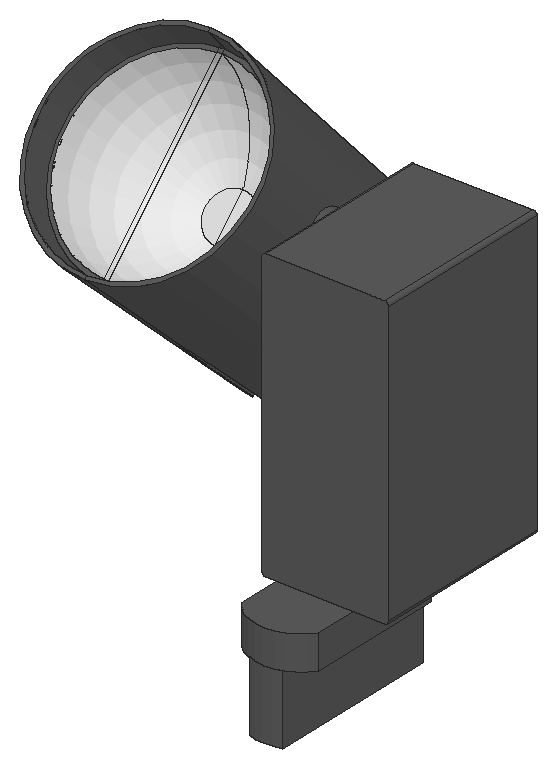
Revit family "0004836 Feilo Sylvania Lighting Fixture START TRACK SPOT S 14W 3K RA80 MB BLACK", category Lighting Fixtures, host Face, Revit 2017 (continued)
Definition of nested family "Start Track Spot Head"
  Types (96, lengths in mm): name | Wattage | built-in parameter 1150134 | Photometric Web File | Model | built-in parameter 1150105 | Lumens | built-in parameter 1150107 | built-in parameter 1150106 | HeadThickness_FEILO | HeadRibOffset_FEILO | HeadRibDepth_FEILO | HeadRibCutWidth_FEILO | HeadRibCutOffset_FEILO | HeadReflectorRadius_FEILO | HeadReflectorOffset_FEILO | HeadLEDRadius_FEILO | HeadHeight_FEILO | HeadDiffusorOffset_FEILO | HeadDiaOut_FEILO | HeadDiaIn_FEILO | HeadAxisFromTop_FEILO | Emit from Circle Diameter | built-in parameter 1150104 | Description | Apparent Load
    0004812 START TRACK SPOT S 14W 3K RA80 MB WHITE | 14 W | (empty or 0) | "0004812.ies" | "START TRACK SPOT S 14W 3K RA80 MB WHITE" | 120.32 (stored number, unit not read) | 1512 lm | 3000 (stored number, unit not read) | 1.2032 (stored number, unit not read) | 1.5 | 4.179 | 55.714 | 7.167 | 50.87 | 50.588 | 55.714 | 9.556 | 117 | 9.435 | 86 | 77.477 | 69.354 | 77.477 | 10.034 (stored number, unit not read) | "Integrated LED spotlight, Textured White - RAL9016, compact and minimalist design, ideal for retail applications, die-cast aluminium body, passive cooling heatsink. Beam angle: 36°, color temperature: 3000K , total system power: 14W, total fixture output: 1508 lm, LOR: 100%, colour rendering: Ra: 80 typical, LED Chromaticity: 3 step MacAdam ellipse, lifetime: >50000 hours at L70B50, energy class: A++, A+, A, IR/UV free light source without heat radiation, operating voltage: 220-240V / 50-60Hz, drive current: 350mA, electronic driver, non-dimmable, power factor: 0.92, electrical protection: Class II, Global Track 3 Phase adapter suitable for Global trac 3-circuit tracks, ingress protection rating: IP20, suitable for internal environment only, horizontal rotation: 355°, vertical tilt: 90°, dimensions: Ø86x140x200, weight: 0.940kg." | 14 VA
    0004811 START TRACK SPOT S 14W 3K RA80 NB WHITE | 14 W | (empty or 0) | "0004811.ies" | "START TRACK SPOT S 14W 3K RA80 NB WHITE" | 123.66 (stored number, unit not read) | 1554 lm | 3000 (stored number, unit not read) | 1.2366 (stored number, unit not read) | 1.5 | 4.179 | 55.714 | 7.167 | 50.87 | 50.588 | 55.714 | 9.556 | 117 | 9.435 | 86 | 77.477 | 69.354 | 77.477 | 10.312 (stored number, unit not read) | "Integrated LED spotlight, Textured White - RAL9016, compact and minimalist design, ideal for retail applications, die-cast aluminium body, passive cooling heatsink. Beam angle: 12°, color temperature: 3000K , total system power: 14W, total fixture output: 1551 lm, LOR: 100%, colour rendering: Ra: 80 typical, LED Chromaticity: 3 step MacAdam ellipse, lifetime: >50000 hours at L70B50, energy class: A++, A+, A, IR/UV free light source without heat radiation, operating voltage: 220-240V / 50-60Hz, drive current: 350mA, electronic driver, non-dimmable, power factor: 0.92, electrical protection: Class II, Global Track 3 Phase adapter suitable for Global trac 3-circuit tracks, ingress protection rating: IP20, suitable for internal environment only, horizontal rotation: 355°, vertical tilt: 90°, dimensions: Ø86x140x200, weight: 0.940kg." | 14 VA
  Reference planes
    plane 1 "Center (Front/Back)": y = 0
    plane 2: z = 0
    plane 3 "Center (Left/Right)": x = 0
    plane 4: x = 43
    plane 5: x = -43
    plane 6: x = -38.739
    plane 7: x = 38.739
    plane 8: z = 69.354
    plane 9: z = -47.646
    plane 10: x = -41.5
    plane 11: x = -37.239
    plane 12: z = -38.211
    plane 13: z = -35.211
    plane 14: z = 8.068
    plane 15: x = -9.556
    plane 16: x = -28.667
    plane 17: x = -19.111
    plane 18: x = -27.167
    plane 19: x = -17.611
    plane 20: x = -8.056
    plane 21: z = 13.64
    plane 22: x = -29.667
    plane 23: x = -26.167
    plane 24: x = -20.111
    plane 25: x = -16.611
    plane 26: x = -10.556
    plane 27: x = -7.056
    plane 28: x = -36.239
    plane 29: x = -40.5
    plane 30: z = 65.175
    plane 31: z = 60.997
    plane 32: z = 56.818
    plane 33: z = 18.484
    plane 34: y = -43
    plane 35: y = 43
    plane 36: y = 3.583
    plane 37: y = -3.583
    plane 38: y = -2.583
    plane 39: y = 2.583
    plane 40: y = 46
    plane 41: z = 13.5
    plane 42: z = -13.5
    plane 43: y = 39
    plane 44: x = 4.708
    plane 45: x = -2.458
    plane 46: x = -1.458
    plane 47: x = 1.458
  Forms (mm)
    Extrusion 1, solid
      sketch origin (4.2, 0, 0) x (1, 0, 0) y (0, 1, 0)
        loop
          line (-1219.2, 1219.2) -> (-1219.2, -1219.2) -> (1219.2, -1219.2) -> (1219.2, 1219.2) -> (-1219.2, 1219.2)
      from 0 to -68.017
    Revolve 2, solid, material <- "Material_1_FEILO", detail levels medium+fine
      sketch origin (0, 0, 0) x (1, 0, 0) y (0, 0, 1)
        loop
          line (-43, -47.646) -> (-41.5, -47.646) -> (-40.5, -35.211) -> (-38.739, -35.211)
          arc (-38.739, -35.211) -> (-30.16, -9.517) -> (-9.556, 8.068) r 50.588
          line (-9.556, 8.068) -> (0, 8.068) -> (0, 13.64) -> (-16.611, 13.64) -> (-17.611, 60.997) -> (-19.111, 60.997) -> (-20.111, 13.64) -> (-36.239, 13.64) -> (-37.239, 69.354) -> (-38.739, 69.354) -> (-43, -47.646)
        axis (0, 69.354) -> (0, -47.646)
      angle from 360 to 0
    Extrusion 3, void
      sketch origin (0, 0, 0) x (0, 1, 0) y (0, 0, 1)
        loop
          line (-3.583, 69.354) -> (-2.583, 18.484) -> (1.932, 18.484) -> (2.932, 69.354) -> (-3.583, 69.354)
      from 43 to -43
    Revolve 4, solid, material <- "Material_2_FEILO", detail levels medium+fine
      sketch origin (0, 0, 0) x (1, 0, 0) y (0, 0, 1)
        loop
          line (-41.5, -38.211) -> (0, -38.211) -> (0, -35.211) -> (-41.5, -35.211) -> (-41.5, -38.211)
        axis (0, -35.211) -> (0, -38.211)
      angle from 360 to 0
    Revolve 5, solid, material <- "Material_1_FEILO"
      sketch origin (0, 0, 0) x (0, 1, 0) y (0, 0, 1)
        loop
          line (46, 0) -> (39, 0) -> (39, -13.5) -> (46, -13.5) -> (46, 0)
        axis (39, 0) -> (46, 0)
      angle from 360 to 0
    Revolve 6, solid, material <- "Material_1_FEILO", detail levels medium+fine
      sketch origin (0, 0, 0) x (1, 0, 0) y (0, 0, 1)
        loop
          line (-29.667, 13.64) -> (-26.167, 13.64) -> (-27.167, 65.175) -> (-28.667, 65.175) -> (-29.667, 13.64)
        loop
          line (-10.556, 13.64) -> (-7.056, 13.64) -> (-7.833, 56.818) -> (-9.778, 56.818) -> (-10.556, 13.64)
        axis (0, 65.175) -> (0, 13.64)
      angle from 360 to 0
    Extrusion 7, void
      sketch origin (0, 0, 0) x (1, 0, 0) y (0, 0, 1)
        loop
          line (4.708, 69.354) -> (-2.458, 69.354) -> (-1.458, 13.64) -> (1.458, 13.64) -> (4.708, 69.354)
      from -43 to 43
    Revolve 8, solid, material <- "Material_1_FEILO", detail levels coarse
      sketch origin (0, 0, 0) x (1, 0, 0) y (0, 0, 1)
        loop
          line (0, 69.354) -> (-38.739, 69.354) -> (-43, -47.646) -> (-41.5, -47.646) -> (-40.731, -38.211) -> (0, -38.211) -> (0, 69.354)
        axis (0, 69.354) -> (0, -47.646)
      angle from 360 to 0
  Cuts and joins
    Extrusion 3 cuts Revolve 2
    Extrusion 7 cuts Revolve 6
  Dimensions and locks
    equal spacing: plane 7, plane 3 "Center (Left/Right)", plane 6
    equal spacing: plane 4, plane 3 "Center (Left/Right)", plane 5
    "HeadDiaOut_FEILO": plane 4 to plane 5
    "HeadDiaIn_FEILO": plane 7 to plane 6
    "HeadHeight_FEILO": plane 8 to plane 9
    "HeadThickness_FEILO": plane 10 to plane 5
    "HeadThickness_FEILO": plane 11 to plane 6
    "HeadDiffusorOffset_FEILO": plane 12 to plane 9
    "HeadDiffusorThickness_FEILO": plane 13 to plane 12
    "HeadReflectorOffset_FEILO": plane 14 to plane 9
    "HeadLEDRadius_FEILO": plane 3 "Center (Left/Right)" to plane 15
    "HeadLEDRadius_FEILO": plane 15 to plane 17
    "HeadLEDRadius_FEILO": plane 17 to plane 16
    "HeadThickness_FEILO": plane 18 to plane 16
    "HeadThickness_FEILO": plane 19 to plane 17
    "HeadThickness_FEILO": plane 20 to plane 15
    "HeadRibDepth_FEILO": plane 8 to plane 21
    "HeadDraft_FEILO": plane 16 to plane 22
    "HeadDraft_FEILO": plane 23 to plane 18
    "HeadDraft_FEILO": plane 17 to plane 24
    "HeadDraft_FEILO": plane 25 to plane 19
    "HeadDraft_FEILO": plane 15 to plane 26
    "HeadDraft_FEILO": plane 27 to plane 20
    "HeadDraft_FEILO": plane 29 to plane 10
    "HeadDraft_FEILO": plane 28 to plane 11
    "HeadRibOffset_FEILO": plane 8 to plane 30
    "HeadRibOffset_FEILO": plane 30 to plane 31
    "HeadRibOffset_FEILO": plane 31 to plane 32
    "HeadAxisFromTop_FEILO": plane 8 to plane 2
    "HeadRibCutOffset_FEILO": plane 8 to plane 33
    equal spacing: plane 34, plane 1 "Center (Front/Back)", plane 35
    "HeadDiaOut_FEILO": plane 34 to plane 35
    equal spacing: plane 38, plane 1 "Center (Front/Back)", plane 39
    equal spacing: plane 37, plane 1 "Center (Front/Back)", plane 36
    "HeadRibCutWidth_FEILO": plane 37 to plane 36
    "HeadDraft_FEILO": plane 37 to plane 38
    locked: plane 35 to plane 40 at 3
    equal spacing: plane 41, plane 2, plane 42
    locked: plane 42 to plane 41 at 27
    locked: plane 43 to plane 35 at 4
    equal spacing: plane 45, imposter light, plane 44
    "HeadDraft_FEILO": plane 46 to plane 45
    "HeadRibCutWidth_FEILO": plane 44 to plane 45
    equal spacing: plane 47, plane 3 "Center (Left/Right)", plane 46
    "HeadReflectorRadius_FEILO": radius of Revolve 2 sketch curve
    aligned and locked: plane 2 to Extrusion 1
    aligned and locked: level to Extrusion 1
    aligned and locked: Revolve 2 sketch curve to plane 3 "Center (Left/Right)"  (x2)
    aligned and locked: plane 9 to Revolve 2 sketch curve  (x2)
    aligned and locked: plane 5 to Revolve 2 sketch curve
    aligned and locked: plane 10 to Revolve 2 sketch curve
    aligned and locked: plane 14 to Revolve 2 sketch curve
    aligned and locked: plane 8 to Revolve 2 sketch curve
    aligned and locked: Revolve 2 sketch curve to plane 13
    aligned and locked: plane 12 to Revolve 4 sketch curve
    aligned and locked: plane 3 "Center (Left/Right)" to Revolve 4 sketch curve
    aligned and locked: Revolve 4 sketch curve to plane 10
    aligned and locked: Revolve 4 sketch curve to plane 3 "Center (Left/Right)"
    aligned and locked: plane 12 to imposter light
    aligned and locked: imposter light to plane 1 "Center (Front/Back)"
    aligned and locked: Revolve 5 sketch curve to plane 2
    aligned and locked: plane 43 to Revolve 5 sketch curve
    aligned and locked: plane 42 to Revolve 5 sketch curve
    aligned and locked: Revolve 6 sketch curve to plane 3 "Center (Left/Right)"
    aligned and locked: plane 22 to Revolve 6 sketch curve
    aligned and locked: plane 30 to Revolve 6 sketch curve
    aligned and locked: plane 23 to Revolve 6 sketch curve
    aligned and locked: Revolve 6 sketch curve to plane 21  (x2)
    aligned and locked: plane 21 to Revolve 6 sketch curve
    aligned and locked: plane 17 to Revolve 2 sketch curve
    aligned and locked: plane 19 to Revolve 2 sketch curve
    aligned and locked: plane 31 to Revolve 2 sketch curve
    aligned and locked: plane 21 to Revolve 2 sketch curve
    aligned and locked: Extrusion 3 to plane 8
    aligned and locked: plane 33 to Extrusion 3
    aligned and locked: plane 8 to Extrusion 3 sketch curve
    aligned and locked: Extrusion 3 sketch curve to plane 33
    aligned and locked: Extrusion 3 to plane 5
    aligned and locked: plane 4 to Extrusion 3
    aligned and locked: plane 32 to Revolve 6 sketch curve
    aligned and locked: plane 44 to Extrusion 7 sketch curve
    aligned and locked: Extrusion 7 sketch curve to plane 8
    aligned and locked: plane 46 to Extrusion 7 sketch curve
    aligned and locked: plane 21 to Extrusion 7 sketch curve
    aligned and locked: plane 34 to Extrusion 7
    aligned and locked: Extrusion 7 to plane 35
    aligned and locked: Revolve 4 sketch curve to plane 13
    aligned and locked: Revolve 5 sketch curve to plane 40
    aligned and locked: Revolve 8 sketch curve to plane 3 "Center (Left/Right)"
    aligned and locked: Revolve 8 sketch curve to cut or joined group of Revolve 2, Extrusion 3  (x3)
    aligned and locked: plane 5 to Revolve 8 sketch curve
    aligned and locked: plane 3 "Center (Left/Right)" to Revolve 8 sketch curve
    aligned and locked: plane 12 to Revolve 8 sketch curve
  Automatic sketch dimensions
    Extrusion 1 sketch curve to Extrusion 1 sketch curve = 2438.4 mm  (x2)
    Extrusion 3 sketch curve to plane 37 = 0 mm
    Extrusion 3 sketch curve to plane 38 = 0 mm
    plane 39 to Extrusion 3 sketch curve = 0.651 mm
    Extrusion 3 sketch curve to plane 39 = 0.349 mm
    Revolve 6 sketch curve to plane 16 = 0 mm
    Revolve 6 sketch curve to plane 18 = 0 mm
    Revolve 6 sketch curve to plane 26 = 0 mm
    Revolve 6 sketch curve to plane 27 = 0 mm
    Revolve 6 sketch curve to plane 15 = 0.222 mm
    plane 9 to Revolve 6 sketch curve = 559.103 mm
    Revolve 6 sketch curve to plane 8 = 2535.555 mm
    plane 20 to Revolve 6 sketch curve = 0.222 mm
    Revolve 2 sketch curve to plane 29 = 0 mm
    Revolve 2 sketch curve to plane 6 = 0 mm  (x2)
    Revolve 2 sketch curve to plane 11 = 0 mm
    Revolve 2 sketch curve to plane 21 = 0 mm
    Revolve 2 sketch curve to plane 28 = 0 mm
    Revolve 2 sketch curve to plane 24 = 0 mm
    Revolve 2 sketch curve to plane 25 = 0 mm
    Revolve 2 sketch curve to plane 15 = 0 mm
    Revolve 2 sketch curve to Revolve 2 sketch curve = 557.155 mm
    Revolve 2 sketch curve to plane 8 = 2535.558 mm
    Extrusion 7 sketch curve to plane 45 = 0 mm
    Extrusion 7 sketch curve to plane 47 = 0 mm
    plane 9 to Revolve 4 sketch curve = 559.103 mm
    Revolve 4 sketch curve to plane 8 = 2535.555 mm
    Revolve 5 sketch curve to level = 0 mm
    plane 34 to Revolve 5 sketch curve = 1968.092 mm
    Revolve 5 sketch curve to plane 40 = 1405.763 mm
    Revolve 8 sketch curve to plane 6 = 0 mm
    Revolve 8 sketch curve to plane 29 = 0.231 mm
    plane 9 to Revolve 8 sketch curve = 559.103 mm
    Revolve 8 sketch curve to Revolve 8 sketch curve = 2535.555 mm
Definition of nested family "Start Track Spot Box"
  Parameters (values of type "Type Large White")
    URL = "http://www.feilosylvania.com"
    Type Image = (empty or 0)
    Type Comments = "n/a"
    Small_FEILO = no
    Material_3_FEILO = none
    Model = ""
    Manufacturer = "Feilo Sylvania"
    Keynote = ""
    Material_2_FEILO = none
    Description = ""
    Default Elevation = 1219.2 mm
    Cost = 0
    Material_1_FEILO = none
    BoxWidth_FEILO = 49 mm
    BoxStartAngle_FEILO [instance] = 0.00°
    BoxRadius_FEILO = 1.5 mm
    BoxHeight_FEILO = if(Small_FEILO, 112 mm, 136 mm)  # 136 mm
    BoxEndAngle_FEILO [instance] = BoxStartAngle_FEILO - 180.00°  # -180.00°
    BoxDepth_FEILO = if(Small_FEILO, 71.5 mm, 79 mm)  # 79 mm
    BoxAxisVerticalOffset_FEILO = 16 mm
    BoxAxisOffset_FEILO = BoxHeight_FEILO / 6.8  # 20 mm
    Assembly Code = ""
    Material_4_FEILO = none
  Types (4, lengths in mm): name | Small_FEILO | BoxHeight_FEILO | BoxDepth_FEILO | BoxAxisOffset_FEILO
    Type Large White | no | 136 | 79 | 20
    Type Small White | yes | 112 | 71.5 | 16.471
    Type Small Black | yes | 112 | 71.5 | 16.471
    Type Large Black | no | 136 | 79 | 20
  Reference planes
    plane 1 "Center (Front/Back)": y = 0
    plane 2: z = 0
    plane 3 "Center (Left/Right)": x = 0
    plane 4: x = 24.5
    plane 5: x = -24.5
    plane 6: y = 68
    plane 7: y = -68
    plane 8: z = 39.5
    plane 9: z = -39.5
    plane 10: y = -48
    plane 11: x = 30.5
    plane 12: x = 8.5
    plane 13: x = 21.5
    plane 14: y = 70
    plane 15: y = 72
    plane 16: x = 19.5
  Forms (mm)
    Extrusion 1, solid
      sketch origin (4.2, 0, 0) x (1, 0, 0) y (0, 1, 0)
        loop
          line (-1219.2, 1219.2) -> (-1219.2, -1219.2) -> (1219.2, -1219.2) -> (1219.2, 1219.2) -> (-1219.2, 1219.2)
      from 0 to -68.017
    Extrusion 2, solid, material <- "Material_1_FEILO"
      sketch origin (0, 0, 0) x (1, 0, 0) y (0, 1, 0)
        loop
          arc (-23, 68) -> (-24.061, 67.561) -> (-24.5, 66.5) r 1.5
          line (-24.5, 66.5) -> (-24.5, -66.5)
          arc (-24.5, -66.5) -> (-24.061, -67.561) -> (-23, -68) r 1.5
          line (-23, -68) -> (23, -68)
          arc (23, -68) -> (24.061, -67.561) -> (24.5, -66.5) r 1.5
          line (24.5, -66.5) -> (24.5, 66.5)
          arc (24.5, 66.5) -> (24.061, 67.561) -> (23, 68) r 1.5
          line (23, 68) -> (-23, 68)
      from -39.5 to 39.5
    Revolve 3, solid, not visible
      sketch origin (0, 0, 0) x (1, 0, 0) y (0, 1, 0)
        loop
          line (30.5, -48) -> (24.5, -48) -> (24.5, -68) -> (30.5, -68) -> (30.5, -48)
        axis (30.5, -48) -> (24.5, -48)
      angle from 0 <- "BoxStartAngle_FEILO" to -180 <- "BoxEndAngle_FEILO"
    Revolve 4, solid, material <- "Material_2_FEILO"
      sketch origin (0, 0, 0) x (1, 0, 0) y (0, 1, 0)
        loop
          line (8.5, 68) -> (19.5, 68) -> (19.5, 70) -> (21.5, 70) -> (21.5, 72) -> (8.5, 72) -> (8.5, 68)
        axis (8.5, 72) -> (8.5, 68)
      angle from 360 to 0
  Dimensions and locks
    equal spacing: plane 5, plane 3 "Center (Left/Right)", plane 4
    "BoxWidth_FEILO": plane 5 to plane 4
    equal spacing: plane 7, plane 1 "Center (Front/Back)", plane 6
    "BoxHeight_FEILO": plane 7 to plane 6
    equal spacing: plane 8, plane 2, plane 9
    "BoxDepth_FEILO": plane 8 to plane 9
    "BoxAxisOffset_FEILO": plane 7 to plane 10
    locked: plane 4 to plane 11 at 6
    "BoxAxisVerticalOffset_FEILO": plane 12 to plane 4
    locked: plane 12 to plane 13 at 13
    plane 6 to plane 14 to plane 15 = 2 mm locked, 2 mm locked
    locked: plane 12 to plane 16 at 11
    "BoxRadius_FEILO": radius of Extrusion 2 sketch curve  (x4)
    aligned and locked: plane 2 to Extrusion 1
    aligned and locked: level to Extrusion 1
    aligned and locked: plane 6 to Extrusion 2 sketch curve
    aligned and locked: plane 5 to Extrusion 2 sketch curve
    aligned and locked: Extrusion 2 sketch curve to plane 7
    aligned and locked: Extrusion 2 sketch curve to plane 4
    aligned and locked: Extrusion 2 to plane 8
    aligned and locked: plane 9 to Extrusion 2
    aligned and locked: Revolve 3 sketch curve to plane 10  (x2)
    aligned and locked: plane 11 to Revolve 3 sketch curve
    aligned and locked: Revolve 3 sketch curve to plane 4
    aligned and locked: plane 7 to Revolve 3 sketch curve
    aligned and locked: Revolve 4 sketch curve to plane 12
    aligned and locked: plane 6 to Revolve 4 sketch curve
    aligned and locked: plane 12 to Revolve 4 sketch curve
    aligned and locked: plane 15 to Revolve 4 sketch curve
    aligned and locked: Revolve 4 sketch curve to plane 13
    aligned and locked: Revolve 4 sketch curve to plane 14
    aligned and locked: Revolve 4 sketch curve to plane 16
    aligned and locked: Revolve 4 sketch curve to plane 6
  Automatic sketch dimensions
    Extrusion 1 sketch curve to Extrusion 1 sketch curve = 2438.4 mm  (x2)
    Revolve 3 sketch curve to plane 5 = 1499.5 mm
    plane 11 to Revolve 3 sketch curve = 1493.5 mm
    plane 15 to Revolve 4 sketch curve = 0 mm
    plane 7 to Revolve 4 sketch curve = 1456 mm
    Revolve 4 sketch curve to plane 15 = 1452 mm
